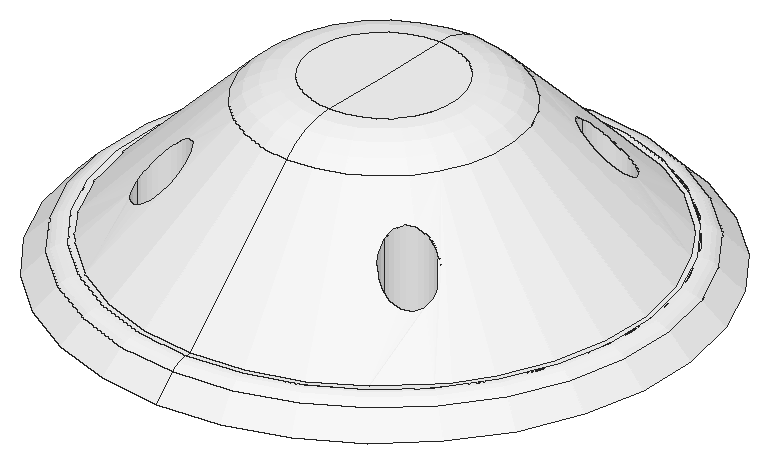
Revit family "KingswayGroup_DrStps_LargeAnti-LigatureRubberDoorStopOnBackplateWallMounted", category Specialty Equipment, Revit 2020
Family settings
  Round Connector Dimension = Use Diameter
  Part Type = Normal
  Work Plane-Based = No
  Always vertical = Yes
  Cut with Voids When Loaded = No
  Shared = No
  Room Calculation Point = No
Parameters
  WarrantyStartDate [instance] = "1900-12-31T23:59:59"
  WarrantyGuarantorParts = "sales@kingswaygroup.co.uk"
  WarrantyGuarantorLabor = "n/a"
  WarrantyDurationUnit = "year"
  WarrantyDurationParts = "5"
  WarrantyDurationLabor = "n/a"
  WarrantyDescription = "5-Year Guarantee *For faulty manufacture and not for damage"
  Version = "1"
  Uniclass2015Version = "Products v1.36"
  Uniclass2015Title = "Door stops"
  Uniclass2015Code = "Pr_30_36_33_24"
  URL = "https://kingswaygroupglobal.com/"
  TagNumber [instance] = "n/a"
  SustainabilityPerformance = "n/a"
  Size = "114 x 114 x 34 mm"
  Shape = "n/a"
  SerialNumber [instance] = "n/a"
  RubberMaterial = NBS_Concept
  Revision = "n/a"
  ReplacementCost = "n/a"
  ProductInformation = "https://kingswaygroupglobal.com/product/anti-ligature-large-rubber-door-stop-wall-on-backplate?noredirect=true"
  NominalWidth = 34.00 mm  # constant formula
  NominalLength = 114.00 mm  # constant formula
  NominalHeight = 114.00 mm  # constant formula
  Name = "DoorStops_LargeAnti-LigatureRubberDoorStopOnBackplateWallMounted_KG184_KingswayGroup"
  ModelReference = "Large Anti-Ligature Rubber Door Stop On Backplate (Wall Mounted)"
  ModelNumber = "KG184"
  Model = ModelNumber  # "KG184"
  Material = "Metal, Rubber"
  ManufacturerURL = "https://kingswaygroupglobal.com/"
  ManufacturerName = "Kingsway Group"  # constant formula
  Manufacturer = ManufacturerName  # "Kingsway Group"
  InstallationDate [instance] = "1900-12-31T23:59:59"
  IfcExportType = "USERDEFINED"  # constant formula
  IfcExportAs = "IfcDiscreteAccessoryType"  # constant formula
  Grade = "n/a"
  Finish = "For full range of available finishes and colours, contact Kingsway Group"
  Features = "An anti-ligature domed rubber door stop with metal back plate for ultimate durability, suitable for use on walls and doors."
  ExpectedLife = "n/a"
  DurationUnit = "year"
  PlateMaterial = NBS_Concept
  Description = "Large Rubber Wall Mounted Door Stop On Backplate"
  Default Elevation = 0.00 mm
  Constituents = "n/a"
  Color = "For full range of available finishes and colours, contact Kingsway Group"
  CodePerformance = "n/a"
  Category = "Pr_30_36_33_24:Door stops"
  BarCode [instance] = "n/a"
  BIMObjectName = "KingswayGroup_DoorStops_LargeAnti-LigatureRubberDoorStopOnBackplateWallMounted"
  Author = "Kingsway Group"  # constant formula
  AssetType = "Fixed"
  AssetIdentifier [instance] = "n/a"
  AccessibilityPerformance = "n/a"
Reference planes
  plane 1 "Center (Front/Back)": y = 0
  plane 2: z = 0
  plane 3 "Center (Left/Right)": x = 0
  plane 4: z = 34
Forms (mm)
  Extrusion 1, void
    sketch origin (0, 0, 0) x (1, 0, 0) y (0, 1, 0)
      loop
        circle (-24.75, 24.75) r 5
      loop
        circle (24.75, 24.75) r 5
      loop
        circle (-24.75, -24.75) r 5
      loop
        circle (24.75, -24.75) r 5
    from 8.576 to 48.444
  Revolve 2, solid, material "NBS_Concept" <- "RubberMaterial"
    sketch origin (0, -357.279, 0) x (0, 1, 0) y (0, 0, 1)
      loop
        arc (381.673, 29.606) -> (376.806, 32.858) -> (371.066, 34) r 15
        line (371.066, 34) -> (357.279, 34) -> (357.279, 5.5) -> (405.779, 5.5) -> (381.673, 29.606)
      axis (357.279, 34) -> (357.279, 5.5)
    angle from 0 to 360
  Revolve 3, solid, material "NBS_Concept" <- "PlateMaterial"
    sketch origin (0, -357.279, 0) x (0, 1, 0) y (0, 0, 1)
      loop
        line (357.279, 5.5) -> (357.279, 0) -> (414.279, 0) -> (410.244, 4.036)
        arc (410.244, 4.036) -> (408.696, 5.089) -> (406.869, 5.5) r 5.008
        line (406.869, 5.5) -> (357.279, 5.5)
      axis (357.279, 5.5) -> (357.279, 0)
    angle from 0 to 360
Cuts and joins
  Extrusion 1 cuts Revolve 2
Dimensions and locks
  aligned and locked: level to plane 2
